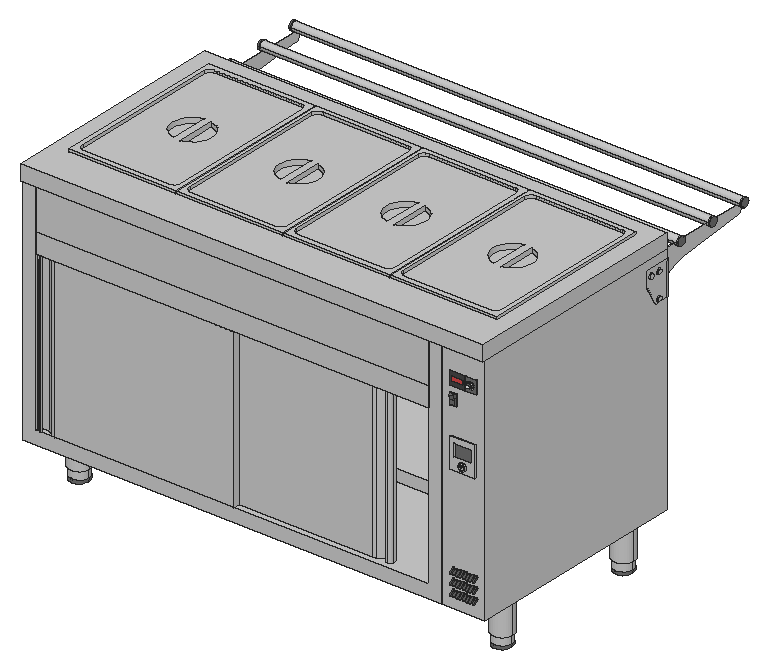
Revit family "QF_INOMAK_MDV714_250604112624", category Specialty Equipment, Revit 2021
Family settings
  Round Connector Dimension = Use Diameter
  Part Type = Normal
  OmniClass Number = 23.40.40.14
  OmniClass Title = Food Service Equipment
  Work Plane-Based = No
  Always vertical = Yes
  Cut with Voids When Loaded = No
  Shared = No
  Room Calculation Point = No
Parameters (values of type "MDV714")
  Weight [instance] = 60.0012 kg
  Waste Water Discharge Temperature [instance] = 0 °C
  Waste Remarks [instance] = ""
  Warranty Start Date [instance] = ""
  Warranty Duration [instance] = ""
  Volts [instance] = 230 V
  Volt Free Conn [instance] = no
  URL Recommended Spares List [instance] = ""
  URL Manufacturer [instance] = ""
  URL Cutsheet [instance] = ""
  URL Critical Spares List [instance] = ""
  URL = "www.inomak.com"
  Technical Documentation [instance] = ""
  Tag Number [instance] = ""
  Status [instance] = ""
  Start Up Current [instance] = 0 A
  Specification by User [instance] = ""
  Specification by Manufacturer [instance] = ""
  Sound Level [instance] = ""
  Show Logo [instance] = yes
  Show Clearances [instance] = yes
  Service Life Duration [instance] = ""
  Serial Number [instance] = ""
  Seismic Rating [instance] = ""
  SMACNA No [instance] = ""
  Revision Code [instance] = ""
  Revision [instance] = ""
  Production Year [instance] = ""
  Potential Equalisation [instance] = no
  Point Load [instance] = 0
  Plumbing Remarks [instance] = ""
  Plumbing Connection Type [instance] = ""
  Phase [instance] = 1
  Other Equipment Approvals [instance] = ""
  Operational Current [instance] = 0 A
  Odor Trap Included [instance] = no
  Number of Poles [instance] = 2
  No Load Power Draw [instance] = no
  National Water Regulation Certification [instance] = no
  NAFEM Spec ID Number [instance] = ""
  Model Warning [instance] = ""
  Model = "MDV714"
  Min Ckt Ampacity [instance] = 0 A
  Max Overcurrent Protection [instance] = 10 A
  Masterspec [instance] = ""
  Manufacturer = "INOMAK"
  Main switch integrated [instance] = no
  Length Actual [instance] = 1405.89 mm
  Item Number [instance] = ""
  Installed By [instance] = ""
  Installation Date [instance] = ""
  Indirect Waste Size [instance] = 25.4 mm
  Indirect Waste Remarks [instance] = ""
  Indirect Waste Flow [instance] = 0.0 L/s
  Indirect Waste Connection Type [instance] = ""
  Indirect Waste Connection Height [instance] = 0 mm
  Identify Quantity as Lot [instance] = no
  ID [instance] = ""
  Hygiene Approval [instance] = ""
  Height Actual [instance] = 899.922 mm
  HP power [instance] = ""
  Furnished By [instance] = ""
  Foodservice Equipment Identifier [instance] = no
  FL Amps [instance] = 8.7 A
  Electrical Remarks [instance] = ""
  Electric power [instance] = 2000 W
  Electric Connection Type [instance] = ""
  Elec Conn RI Height [instance] = 0 mm
  Elec Conn Connection Height [instance] = 0 mm
  ETL Approved [instance] = no
  Direct Waste Water Discharge Temperature [instance] = -273.15 °C
  Direct Waste Size [instance] = 25.4 mm
  Direct Waste RI Height [instance] = 0 mm
  Direct Waste Flow [instance] = 0.0 L/s
  Direct Waste Connection Height [instance] = 0 mm
  Description = "BAIN MARIE ON CUPBOARD WITH 3 GN PANS CAPACITY"
  Depth Actual [instance] = 700.024 mm
  Default Elevation = 0 mm
  Cycle [instance] = 50 Hz
  Cost = 0
  Connection to energy optimisation system [instance] = yes
  Conn Plug [instance] = ""
  Conn Conduit [instance] = no
  Cold Water Temperature Recommended [instance] = 0 °C
  Cold Water Size [instance] = 12.7 mm
  Cold Water Remarks [instance] = ""
  Cold Water RI Height [instance] = 0 mm
  Cold Water Quality [instance] = ""
  Cold Water Minimum Pressure [instance] = 200000.0 Pa
  Cold Water Maximum Pressure [instance] = 600000.0 Pa
  Cold Water Flow [instance] = 0.0 L/s
  Cold Water Connection Type [instance] = ""
  Cold Water Connection Height [instance] = 0 mm
  Centralized building control system with digital interface [instance] = ""
  CSI MasterFormat [instance] = ""
  CE Approved [instance] = no
  Barcode [instance] = 0
  Author [instance] = ""
  Asset Identifier [instance] = ""
  Apparent Power [instance] = 2000 VA
  Accessory [instance] = no
Reference planes
  plane 1 "Center (Front/Back)": y = 0
  plane 2: z = 0
  plane 3 "Center (Left/Right)": x = 0
Forms (mm)
  Extrusion 1, solid, not visible
    sketch origin (110.005, -510.025, 146.007) x (1, 0, 0) y (0, 1, 0)
      loop
        line (-2, 2) -> (-2, -2) -> (2, -2) -> (2, 2) -> (-2, 2)
    from -2 to 2
  Extrusion 2, solid, not visible
    sketch origin (110.005, -410.02, 146.007) x (1, 0, 0) y (0, 1, 0)
      loop
        line (-2, 2) -> (-2, -2) -> (2, -2) -> (2, 2) -> (-2, 2)
    from -2 to 2
  Extrusion 3, solid, not visible
    sketch origin (1360.066, -635.031, 146.007) x (1, 0, 0) y (0, 1, 0)
      loop
        line (-2, 2) -> (-2, -2) -> (2, -2) -> (2, 2) -> (-2, 2)
    from -2 to 2
Dimensions and locks
  locked: nested 2 to Extrusion 1 at 2  (x2)
  locked: nested 3 to Extrusion 2 at 2  (x2)
  locked: nested 4 to Extrusion 3 at 2  (x2)
  aligned and locked: level to plane 2
Nested families
  nested 1: "QF_INOMAK_CUPBOARD_BAIN_MARIES_1410_2920" at (0, 0, 144), type "MDV714"
    with Weight 60.0012 kg, Warranty Start Date "", Warranty Duration "", URL Cutsheet "", Technical Documentation "", Tag Number "", Status "", Specification by User "", Specification by Manufacturer "", Sound Level "", Solid Fuel Type "", Show Logo yes, Show Clearances yes, Service Life Duration "", Serial Number "", Seismic Rating "", SMACNA No "", Revision Code "", Revision "", Production Year "", Point Load 0, Other Equipment Approvals "", NAFEM Spec ID Number "", Model Warning "", Masterspec "", Length Actual 1405.89 mm, Item Number "", Installed By "", Installation Date "", Identify Quantity as Lot yes, ID "", Hygiene Approval "", Height Actual 899.922 mm, Furnished By "", Foodservice Equipment Identifier yes, ETL Approved yes, Depth Actual 700.024 mm, CSI MasterFormat "", CE Approved yes, Barcode "", Author "", Asset Identifier "", Accessory no
  nested 2: "CONN_POINT_COLDWATER_2D___Generic_Annotation" at (110.005, -510.025, 144.007), type "CONN_POINT_COLDWATER_2D___Generic_Annotation"
    with Onboard connection annotation symbol visibility yes
  nested 3: "CONN_POINT_DRAIN_2D___Generic_Annotation" at (110.005, -410.02, 144.007), type "CONN_POINT_DRAIN_2D___Generic_Annotation"
    with Onboard connection annotation symbol visibility yes
  nested 4: "CONN_POINT_ELE_2D___Generic_Annotation" at (1360.066, -635.031, 144.007), type "CONN_POINT_ELE_2D___Generic_Annotation"
    with Onboard connection annotation symbol visibility yes
  nested 5: "QF_INOMAK_LEGS_5042" at (0, 0, 0), type "LG-1410-700"
    with Weight 0.00 kg, Warranty Start Date "", Warranty Duration "", URL Cutsheet "", Technical Documentation "", Tag Number "", Status "", Specification by User "", Specification by Manufacturer "", Sound Level "", Solid Fuel Type "", Show Logo yes, Show Clearances yes, Service Life Duration "", Serial Number "", Seismic Rating "", SMACNA No "", Revision Code "", Revision "", Production Year "", Point Load 0, Other Equipment Approvals "", NAFEM Spec ID Number "", Model Warning "", Masterspec "", Length Actual 1405.89 mm, Item Number "", Installed By "", Installation Date "", Identify Quantity as Lot yes, ID "", Hygiene Approval "", Height Actual 144.018 mm, Furnished By "", Foodservice Equipment Identifier yes, ETL Approved yes, Depth Actual 700.024 mm, CSI MasterFormat "", CE Approved yes, Barcode "", Author "", Asset Identifier "", Accessory yes
  nested 6: "QF_INOMAK_CUPBOARD_RAILS_6791" at (0, 0, 144), type "RAS140"
    with Weight 0.00 kg, Warranty Start Date "", Warranty Duration "", URL Cutsheet "", Technical Documentation "", Tag Number "", Status "", Specification by User "", Specification by Manufacturer "", Sound Level "", Solid Fuel Type "", Show Logo yes, Show Clearances yes, Service Life Duration "", Serial Number "", Seismic Rating "", SMACNA No "", Revision Code "", Revision "", Production Year "", Point Load 0, Other Equipment Approvals "", NAFEM Spec ID Number "", Model Warning "", Masterspec "", Length Actual 1375.918 mm, Length 1406 mm, Item Number "", Installed By "", Installation Date "", Identify Quantity as Lot yes, ID "", Hygiene Approval "", Height Actual 175.006 mm, Furnished By "", Foodservice Equipment Identifier yes, ETL Approved yes, Depth Actual 335.026 mm, CSI MasterFormat "", CE Approved yes, Barcode "", Author "", Asset Identifier "", Accessory yes
Connectors
  piping at (110.005, -510.025, 144.007), diameter 12.7, driven by "Cold Water Size", driven by "Cold Water Flow"
    settings: on Extrusion 1, index 1, connector inside diameter 609.6 mm, connector length 0 mm, flow factor 0, pipe flow 0.0 L/s, pressure drop 0.0 Pa, fitting loss kfactor 0, connector angle 0.00°, fixture units 0, engagement length 0 mm, angle of deflection 0.00°, flow configuration 1, flow direction 1, fitting loss method 0, system type 20, joint type 0, gender type 0, connector reference index -1, connector utility 0, adjustable connector no, is connector primary yes, connector description "Cold Water connection for MDV714"
  piping at (110.005, -410.02, 144.007), diameter 25.4, driven by "Indirect Waste Size", driven by "Direct Waste Flow"
    settings: on Extrusion 2, index 2, connector inside diameter 609.6 mm, connector length 0 mm, flow factor 0, pipe flow 0.0 L/s, pressure drop 0.0 Pa, fitting loss kfactor 0, connector angle 0.00°, fixture units 0, engagement length 0 mm, angle of deflection 0.00°, flow configuration 1, flow direction 2, fitting loss method 0, system type 16, joint type 0, gender type 0, connector reference index -1, connector utility 0, adjustable connector no, is connector primary no, connector description "Waste connection for MDV714"
  electrical at (1360.066, -635.031, 144.007), driven by "Apparent Power", driven by "Number of Poles", driven by "Volts"
    settings: on Extrusion 3, index 3, voltage 230 V, apparent load 0 VA, apparent load phase1 2000 VA, apparent load phase2 0 VA, apparent load phase3 0 VA, power factor 1, load classification "Other", number of poles 2, system type 31, power factor state 1, is connector primary yes, connector utility no, sub classification motor no, connector description "Electrical connection for MDV714"
Definition of nested family "QF_INOMAK_CUPBOARD_BAIN_MARIES_1410_2920"
  Parameters (values of type "MFV714")
    Weight [instance] = 0.00 kg
    Warranty Start Date [instance] = ""
    Warranty Duration [instance] = ""
    URL Cutsheet [instance] = ""
    URL = "www.inomak.com"
    Technical Documentation [instance] = ""
    Tag Number [instance] = ""
    Status [instance] = ""
    Specification by User [instance] = ""
    Specification by Manufacturer [instance] = ""
    Sound Level [instance] = ""
    Solid Fuel Type [instance] = ""
    Show Logo [instance] = yes
    Show Clearances [instance] = yes
    Service Life Duration [instance] = ""
    Serial Number [instance] = ""
    Seismic Rating [instance] = ""
    SMACNA No [instance] = ""
    Revision Code [instance] = ""
    Revision [instance] = ""
    Production Year [instance] = ""
    Point Load [instance] = 0
    Other Equipment Approvals [instance] = ""
    NAFEM Spec ID Number [instance] = ""
    Model Warning [instance] = ""
    Model = "MFV714"
    Masterspec [instance] = ""
    Manufacturer = "INOMAK"
    Length Actual [instance] = 0 mm
    Item Number [instance] = ""
    Installed By [instance] = ""
    Installation Date [instance] = ""
    Identify Quantity as Lot [instance] = yes
    ID [instance] = ""
    Hygiene Approval [instance] = ""
    Height Actual [instance] = 0 mm
    Furnished By [instance] = ""
    Foodservice Equipment Identifier [instance] = yes
    ETL Approved [instance] = yes
    Description = "BAIN MARIE ON CUPBOARD WITH 3 GN PANS CAPACITY AND SHOWCASE"
    Depth Actual [instance] = 0 mm
    Default Elevation = 0 mm
    CSI MasterFormat [instance] = ""
    CE Approved [instance] = yes
    Barcode [instance] = ""
    Author [instance] = ""
    Asset Identifier [instance] = ""
    Assembly Code = "E1090320"
    Accessory [instance] = yes
  Types (10, lengths in mm): name | Model | Description
    MFV714 | "MFV714" | "BAIN MARIE ON CUPBOARD WITH 3 GN PANS CAPACITY AND SHOWCASE"
    MDV714 | "MDV714" | "BAIN MARIE ON CUPBOARD WITH 3 GN PANS CAPACITY"
    MVV714 | "MVV714" | "BAIN MARIE ON CUPBOARD WITH 3 GN PANS CAPACITY AND SINGLE SNEEZE GUARD"
    MRV714 | "MRV714" | "BAIN MARIE ON CUPBOARD WITH 3 GN PANS CAPACITY AND DOUBLE SNEEZE GUARD"
    MFSQ714 | "MFSQ714" | "BAIN MARIE ON CUPBOARD WITH 3 GN PANS CAPACITY AND SQUARE SHOWCASE"
    MIV714 | "MIV714" | "BAIN MARIE ON HEATED CUPBOARD WITH 3 GN PANS CAPACITY AND SHOWCASE"
    MHV714 | "MHV714" | "BAIN MARIE ON HEATED CUPBOARD WITH 3 GN PANS CAPACITY"
    MJV714 | "MJV714" | "BAIN MARIE ON HEATED CUPBOARD WITH 3 GN PANS CAPACITY AND SINGLE SNEEZE GUARD"
    MQV714 | "MQV714" | "BAIN MARIE ON HEATED CUPBOARD WITH 3 GN PANS CAPACITY AND DOUBLE SNEEZE GUARD"
    MISQ714 | "MISQ714" | "BAIN MARIE ON HEATED CUPBOARD WITH 3 GN PANS CAPACITY AND SQUARE SHOWCASE"
  Reference planes
    plane 1 "Back": y = 0
    plane 2: z = 0
    plane 3 "Left": x = 0
    plane 4 "Right": x = 1406
    plane 5 "Front": y = -700
    plane 6 "Top": z = 756
  Forms (mm)
    Extrusion 1, solid
      sketch origin (784.283, -707, -123.631) x (-1, 0, 0) y (0, 0, 1)
        loop
          arc (-522.253, 235.165) -> (-526.351, 236.263) -> (-527.449, 232.165) r 3
          line (-527.449, 232.165) -> (-518.449, 216.577)
          arc (-518.449, 216.577) -> (-514.351, 215.479) -> (-513.253, 219.577) r 3
          line (-513.253, 219.577) -> (-522.253, 235.165)
        loop
          arc (-532.253, 235.165) -> (-536.351, 236.263) -> (-537.449, 232.165) r 3
          line (-537.449, 232.165) -> (-528.449, 216.577)
          arc (-528.449, 216.577) -> (-524.351, 215.479) -> (-523.253, 219.577) r 3
          line (-523.253, 219.577) -> (-532.253, 235.165)
        loop
          arc (-542.253, 235.165) -> (-546.351, 236.263) -> (-547.449, 232.165) r 3
          line (-547.449, 232.165) -> (-538.449, 216.577)
          arc (-538.449, 216.577) -> (-534.351, 215.479) -> (-533.253, 219.577) r 3
          line (-533.253, 219.577) -> (-542.253, 235.165)
        loop
          arc (-552.253, 235.165) -> (-556.351, 236.263) -> (-557.449, 232.165) r 3
          line (-557.449, 232.165) -> (-548.449, 216.577)
          arc (-548.449, 216.577) -> (-544.351, 215.479) -> (-543.253, 219.577) r 3
          line (-543.253, 219.577) -> (-552.253, 235.165)
        loop
          arc (-562.253, 235.165) -> (-566.351, 236.263) -> (-567.449, 232.165) r 3
          line (-567.449, 232.165) -> (-558.449, 216.577)
          arc (-558.449, 216.577) -> (-554.351, 215.479) -> (-553.253, 219.577) r 3
          line (-553.253, 219.577) -> (-562.253, 235.165)
        loop
          arc (-572.253, 235.165) -> (-576.351, 236.263) -> (-577.449, 232.165) r 3
          line (-577.449, 232.165) -> (-568.449, 216.577)
          arc (-568.449, 216.577) -> (-564.351, 215.479) -> (-563.253, 219.577) r 3
          line (-563.253, 219.577) -> (-572.253, 235.165)
        loop
          arc (-582.253, 235.165) -> (-586.351, 236.263) -> (-587.449, 232.165) r 3
          line (-587.449, 232.165) -> (-578.449, 216.577)
          arc (-578.449, 216.577) -> (-574.351, 215.479) -> (-573.253, 219.577) r 3
          line (-573.253, 219.577) -> (-582.253, 235.165)
        loop
          arc (-592.253, 235.165) -> (-596.351, 236.263) -> (-597.449, 232.165) r 3
          line (-597.449, 232.165) -> (-588.449, 216.577)
          arc (-588.449, 216.577) -> (-584.351, 215.479) -> (-583.253, 219.577) r 3
          line (-583.253, 219.577) -> (-592.253, 235.165)
        loop
          arc (-522.253, 205.165) -> (-526.351, 206.263) -> (-527.449, 202.165) r 3
          line (-527.449, 202.165) -> (-518.449, 186.577)
          arc (-518.449, 186.577) -> (-514.351, 185.479) -> (-513.253, 189.577) r 3
          line (-513.253, 189.577) -> (-522.253, 205.165)
        loop
          arc (-532.253, 205.165) -> (-536.351, 206.263) -> (-537.449, 202.165) r 3
          line (-537.449, 202.165) -> (-528.449, 186.577)
          arc (-528.449, 186.577) -> (-524.351, 185.479) -> (-523.253, 189.577) r 3
          line (-523.253, 189.577) -> (-532.253, 205.165)
        loop
          arc (-542.253, 205.165) -> (-546.351, 206.263) -> (-547.449, 202.165) r 3
          line (-547.449, 202.165) -> (-538.449, 186.577)
          arc (-538.449, 186.577) -> (-534.351, 185.479) -> (-533.253, 189.577) r 3
          line (-533.253, 189.577) -> (-542.253, 205.165)
        loop
          arc (-552.253, 205.165) -> (-556.351, 206.263) -> (-557.449, 202.165) r 3
          line (-557.449, 202.165) -> (-548.449, 186.577)
          arc (-548.449, 186.577) -> (-544.351, 185.479) -> (-543.253, 189.577) r 3
          line (-543.253, 189.577) -> (-552.253, 205.165)
        loop
          arc (-562.253, 205.165) -> (-566.351, 206.263) -> (-567.449, 202.165) r 3
          line (-567.449, 202.165) -> (-558.449, 186.577)
          arc (-558.449, 186.577) -> (-554.351, 185.479) -> (-553.253, 189.577) r 3
          line (-553.253, 189.577) -> (-562.253, 205.165)
        loop
          arc (-572.253, 205.165) -> (-576.351, 206.263) -> (-577.449, 202.165) r 3
          line (-577.449, 202.165) -> (-568.449, 186.577)
          arc (-568.449, 186.577) -> (-564.351, 185.479) -> (-563.253, 189.577) r 3
          line (-563.253, 189.577) -> (-572.253, 205.165)
        loop
          arc (-582.253, 205.165) -> (-586.351, 206.263) -> (-587.449, 202.165) r 3
          line (-587.449, 202.165) -> (-578.449, 186.577)
          arc (-578.449, 186.577) -> (-574.351, 185.479) -> (-573.253, 189.577) r 3
          line (-573.253, 189.577) -> (-582.253, 205.165)
        loop
          arc (-592.253, 205.165) -> (-596.351, 206.263) -> (-597.449, 202.165) r 3
          line (-597.449, 202.165) -> (-588.449, 186.577)
          arc (-588.449, 186.577) -> (-584.351, 185.479) -> (-583.253, 189.577) r 3
          line (-583.253, 189.577) -> (-592.253, 205.165)
        loop
          arc (-522.253, 175.165) -> (-526.351, 176.263) -> (-527.449, 172.165) r 3
          line (-527.449, 172.165) -> (-518.449, 156.577)
          arc (-518.449, 156.577) -> (-514.351, 155.479) -> (-513.253, 159.577) r 3
          line (-513.253, 159.577) -> (-522.253, 175.165)
        loop
          arc (-532.253, 175.165) -> (-536.351, 176.263) -> (-537.449, 172.165) r 3
          line (-537.449, 172.165) -> (-528.449, 156.577)
          arc (-528.449, 156.577) -> (-524.351, 155.479) -> (-523.253, 159.577) r 3
          line (-523.253, 159.577) -> (-532.253, 175.165)
        loop
          arc (-542.253, 175.165) -> (-546.351, 176.263) -> (-547.449, 172.165) r 3
          line (-547.449, 172.165) -> (-538.449, 156.577)
          arc (-538.449, 156.577) -> (-534.351, 155.479) -> (-533.253, 159.577) r 3
          line (-533.253, 159.577) -> (-542.253, 175.165)
        loop
          arc (-552.253, 175.165) -> (-556.351, 176.263) -> (-557.449, 172.165) r 3
          line (-557.449, 172.165) -> (-548.449, 156.577)
          arc (-548.449, 156.577) -> (-544.351, 155.479) -> (-543.253, 159.577) r 3
          line (-543.253, 159.577) -> (-552.253, 175.165)
        loop
          arc (-562.253, 175.165) -> (-566.351, 176.263) -> (-567.449, 172.165) r 3
          line (-567.449, 172.165) -> (-558.449, 156.577)
          arc (-558.449, 156.577) -> (-554.351, 155.479) -> (-553.253, 159.577) r 3
          line (-553.253, 159.577) -> (-562.253, 175.165)
        loop
          arc (-572.253, 175.165) -> (-576.351, 176.263) -> (-577.449, 172.165) r 3
          line (-577.449, 172.165) -> (-568.449, 156.577)
          arc (-568.449, 156.577) -> (-564.351, 155.479) -> (-563.253, 159.577) r 3
          line (-563.253, 159.577) -> (-572.253, 175.165)
        loop
          arc (-582.253, 175.165) -> (-586.351, 176.263) -> (-587.449, 172.165) r 3
          line (-587.449, 172.165) -> (-578.449, 156.577)
          arc (-578.449, 156.577) -> (-574.351, 155.479) -> (-573.253, 159.577) r 3
          line (-573.253, 159.577) -> (-582.253, 175.165)
        loop
          arc (-592.253, 175.165) -> (-596.351, 176.263) -> (-597.449, 172.165) r 3
          line (-597.449, 172.165) -> (-588.449, 156.577)
          arc (-588.449, 156.577) -> (-584.351, 155.479) -> (-583.253, 159.577) r 3
          line (-583.253, 159.577) -> (-592.253, 175.165)
      from 16.5 to 18.5
    Extrusion 2, solid
      sketch origin (1092.266, -692, 538.514) x (-1, 0, 0) y (0, 0, 1)
        loop
          line (-208.234, 108.408) -> (-253.234, 108.408) -> (-253.234, 68.408) -> (-208.234, 68.408) -> (-208.234, 108.408)
      from 0 to 2
    Extrusion 3, solid
      sketch origin (370.5, -693, 539.422) x (-1, 0, 0) y (0, 0, 1)
        loop
          line (-950, 15) -> (-930, 15) -> (-930, 50) -> (-950, 50) -> (-950, 15)
      from 0 to 3
    Extrusion 4, solid
      sketch origin (398.5, -568, 539.422) x (0, 1, 0) y (0, 0, 1)
        loop
          line (-125, 18) -> (-125, 47)
          arc (-125, 47) -> (-127.961, 46.812) -> (-130.754, 45.81) r 10.576
          line (-130.754, 45.81) -> (-128, 32.5) -> (-128, 18) -> (-125, 18)
      from 905 to 919
    Extrusion 5, solid
      sketch origin (1137.266, -692, 538.514) x (-1, 0, 0) y (0, 0, 1)
        loop
          line (-208.234, 108.408) -> (-243.234, 108.408) -> (-243.234, 68.408) -> (-208.234, 68.408) -> (-208.234, 108.408)
      from 0 to 2
    Extrusion 6, solid
      sketch origin (1092.266, -692.5, 538.514) x (-1, 0, 0) y (0, 0, 1)
        loop
          line (-213.234, 94.908) -> (-248.234, 94.908) -> (-248.234, 81.908) -> (-213.234, 81.908) -> (-213.234, 94.908)
      from 0 to 2.5
    Extrusion 7, solid
      sketch origin (1092.266, -692.5, 538.514) x (-1, 0, 0) y (0, 0, 1)
        loop
          line (-271.558, 91.171) -> (-275.802, 98.522) -> (-280.047, 91.171) -> (-271.558, 91.171)
        loop
          line (-271.558, 85.645) -> (-280.047, 85.645) -> (-275.802, 78.294) -> (-271.558, 85.645)
        loop
          line (-257.397, 85.645) -> (-267.397, 85.645) -> (-267.397, 78.294) -> (-257.397, 78.294) -> (-257.397, 85.645)
        loop
          line (-265.397, 98.522) -> (-267.397, 98.522) -> (-267.397, 92.322) -> (-259.549, 92.322) -> (-259.549, 91.171) -> (-257.397, 93.322) -> (-259.549, 95.474) -> (-259.549, 94.322) -> (-265.397, 94.322) -> (-265.397, 98.522)
      from 0 to 2.5
    Extrusion 8, solid
      sketch origin (-2, 0, 492) x (1, 0, 0) y (0, 1, 0)
        loop
          line (55, -50) -> (55, -580) -> (380, -580) -> (380, -50) -> (55, -50)
        loop
          arc (87.5, -65) -> (73.358, -70.858) -> (67.5, -85) r 20
          line (67.5, -85) -> (67.5, -545.415)
          arc (67.5, -545.415) -> (73.358, -559.557) -> (87.5, -565.415) r 20
          line (87.5, -565.415) -> (347.5, -565.415)
          arc (347.5, -565.415) -> (361.642, -559.557) -> (367.5, -545.415) r 20
          line (367.5, -545.415) -> (367.5, -85)
          arc (367.5, -85) -> (361.642, -70.858) -> (347.5, -65) r 20
          line (347.5, -65) -> (87.5, -65)
      from 218 to 270
    Extrusion 9, solid
      sketch origin (-2, 0, 485) x (1, 0, 0) y (0, 1, 0)
        loop
          arc (67.5, -545.415) -> (73.358, -559.557) -> (87.5, -565.415) r 20
          line (87.5, -565.415) -> (347.5, -565.415)
          arc (347.5, -565.415) -> (361.642, -559.557) -> (367.5, -545.415) r 20
          line (367.5, -545.415) -> (367.5, -85)
          arc (367.5, -85) -> (361.642, -70.858) -> (347.5, -65) r 20
          line (347.5, -65) -> (87.5, -65)
          arc (87.5, -65) -> (73.358, -70.858) -> (67.5, -85) r 20
          line (67.5, -85) -> (67.5, -545.415)
      from 225 to 270
    Extrusion 10, void
      sketch origin (-2, 0, 500) x (1, 0, 0) y (0, 1, 0)
        loop
          arc (207.5, -256.046) -> (157.5, -315.207) -> (207.5, -374.368) r 60
          line (207.5, -374.368) -> (207.5, -256.046)
        loop
          line (227.5, -256.046) -> (227.5, -374.368)
          arc (227.5, -374.368) -> (277.5, -315.207) -> (227.5, -256.046) r 60
      from 240 to 270
    Extrusion 11, solid
      sketch origin (323, 0, 492) x (1, 0, 0) y (0, 1, 0)
        loop
          line (55, -50) -> (55, -580) -> (380, -580) -> (380, -50) -> (55, -50)
        loop
          arc (87.5, -65) -> (73.358, -70.858) -> (67.5, -85) r 20
          line (67.5, -85) -> (67.5, -545.415)
          arc (67.5, -545.415) -> (73.358, -559.557) -> (87.5, -565.415) r 20
          line (87.5, -565.415) -> (347.5, -565.415)
          arc (347.5, -565.415) -> (361.642, -559.557) -> (367.5, -545.415) r 20
          line (367.5, -545.415) -> (367.5, -85)
          arc (367.5, -85) -> (361.642, -70.858) -> (347.5, -65) r 20
          line (347.5, -65) -> (87.5, -65)
      from 218 to 270
    Extrusion 12, solid
      sketch origin (323, 0, 485) x (1, 0, 0) y (0, 1, 0)
        loop
          arc (67.5, -545.415) -> (73.358, -559.557) -> (87.5, -565.415) r 20
          line (87.5, -565.415) -> (347.5, -565.415)
          arc (347.5, -565.415) -> (361.642, -559.557) -> (367.5, -545.415) r 20
          line (367.5, -545.415) -> (367.5, -85)
          arc (367.5, -85) -> (361.642, -70.858) -> (347.5, -65) r 20
          line (347.5, -65) -> (87.5, -65)
          arc (87.5, -65) -> (73.358, -70.858) -> (67.5, -85) r 20
          line (67.5, -85) -> (67.5, -545.415)
      from 225 to 270
    Extrusion 13, void
      sketch origin (323, 0, 500) x (1, 0, 0) y (0, 1, 0)
        loop
          arc (207.5, -256.046) -> (157.5, -315.207) -> (207.5, -374.368) r 60
          line (207.5, -374.368) -> (207.5, -256.046)
        loop
          line (227.5, -256.046) -> (227.5, -374.368)
          arc (227.5, -374.368) -> (277.5, -315.207) -> (227.5, -256.046) r 60
      from 240 to 270
    Extrusion 14, solid
      sketch origin (973, 0, 492) x (1, 0, 0) y (0, 1, 0)
        loop
          line (55, -50) -> (55, -580) -> (380, -580) -> (380, -50) -> (55, -50)
        loop
          arc (87.5, -65) -> (73.358, -70.858) -> (67.5, -85) r 20
          line (67.5, -85) -> (67.5, -545.415)
          arc (67.5, -545.415) -> (73.358, -559.557) -> (87.5, -565.415) r 20
          line (87.5, -565.415) -> (347.5, -565.415)
          arc (347.5, -565.415) -> (361.642, -559.557) -> (367.5, -545.415) r 20
          line (367.5, -545.415) -> (367.5, -85)
          arc (367.5, -85) -> (361.642, -70.858) -> (347.5, -65) r 20
          line (347.5, -65) -> (87.5, -65)
      from 218 to 270
    Extrusion 15, solid
      sketch origin (973, 0, 485) x (1, 0, 0) y (0, 1, 0)
        loop
          arc (67.5, -545.415) -> (73.358, -559.557) -> (87.5, -565.415) r 20
          line (87.5, -565.415) -> (347.5, -565.415)
          arc (347.5, -565.415) -> (361.642, -559.557) -> (367.5, -545.415) r 20
          line (367.5, -545.415) -> (367.5, -85)
          arc (367.5, -85) -> (361.642, -70.858) -> (347.5, -65) r 20
          line (347.5, -65) -> (87.5, -65)
          arc (87.5, -65) -> (73.358, -70.858) -> (67.5, -85) r 20
          line (67.5, -85) -> (67.5, -545.415)
      from 225 to 270
    Extrusion 16, void
      sketch origin (973, 0, 500) x (1, 0, 0) y (0, 1, 0)
        loop
          arc (207.5, -256.046) -> (157.5, -315.207) -> (207.5, -374.368) r 60
          line (207.5, -374.368) -> (207.5, -256.046)
        loop
          line (227.5, -256.046) -> (227.5, -374.368)
          arc (227.5, -374.368) -> (277.5, -315.207) -> (227.5, -256.046) r 60
      from 240 to 270
    Extrusion 17, solid
      sketch origin (0, 0, 710) x (1, 0, 0) y (0, 1, 0)
        loop
          line (0, 0) -> (0, -700) -> (1406, -700) -> (1406, 0) -> (0, 0)
        loop
          line (53, -50) -> (53, -580) -> (1353, -580) -> (1353, -50) -> (53, -50)
      from 0 to 46
    Extrusion 18, solid
      sketch origin (0, 0, 0) x (1, 0, 0) y (0, 1, 0)
        loop
          line (0, -690) -> (40, -690) -> (40, -40) -> (1235, -40) -> (1235, -690) -> (1275, -690) -> (1275, 0) -> (0, 0) -> (0, -690)
      from 0 to 710
    Extrusion 19, solid
      sketch origin (303, 0, 0) x (1, 0, 0) y (0, 1, 0)
        loop
          line (972, 0) -> (972, -690) -> (1103, -690) -> (1103, 0) -> (972, 0)
      from 0 to 710
    Extrusion 20, solid
      sketch origin (-130, -690, 0) x (-1, 0, 0) y (0, 1, 0)
        loop
          line (-170, 10) -> (-170, 20) -> (-770, 20) -> (-770, 0) -> (-226.156, 0)
          arc (-226.156, 0) -> (-220.272, 0.885) -> (-214.91, 3.461) r 20
          line (-214.91, 3.461) -> (-195, 17) -> (-173, 17) -> (-173, 10)
          arc (-173, 10) -> (-175.05, 5.05) -> (-180, 3) r 7
          line (-180, 3) -> (-185.012, 3) -> (-185.012, 0) -> (-180, 0)
          arc (-180, 0) -> (-172.929, 2.929) -> (-170, 10) r 10
      from -40 to -520
    Extrusion 21, solid
      sketch origin (173, -690, 0) x (-1, 0, 0) y (0, 1, 0)
        loop
          arc (-930, 30) -> (-927.071, 22.929) -> (-920, 20) r 10
          line (-920, 20) -> (-914.988, 20) -> (-914.988, 23) -> (-920, 23)
          arc (-920, 23) -> (-924.95, 25.05) -> (-927, 30) r 7
          line (-927, 30) -> (-927, 37) -> (-905, 37) -> (-885.09, 23.461)
          arc (-885.09, 23.461) -> (-879.728, 20.885) -> (-873.844, 20) r 20
          line (-873.844, 20) -> (-325, 20) -> (-325, 40) -> (-930, 40) -> (-930, 30)
      from -40 to -520
    Extrusion 22, solid
      sketch origin (0, 0, 0) x (1, 0, 0) y (0, 1, 0)
        loop
          line (40, -40) -> (40, -690) -> (1235, -690) -> (1235, -40) -> (40, -40)
      from 0 to 40
    Extrusion 23, solid
      sketch origin (0, 0, 672.314) x (1, 0, 0) y (0, 1, 0)
        loop
          line (40, -40) -> (40, -690) -> (1235, -690) -> (1235, -40) -> (40, -40)
      from -92.314 to 37.686
    Extrusion 24, solid
      sketch origin (0, 0, 610.314) x (1, 0, 0) y (0, 1, 0)
        loop
          line (40, -40) -> (40, -690) -> (1235, -690) -> (1235, -40) -> (40, -40)
      from -90.314 to -30.314
    Extrusion 25, solid
      sketch origin (-2, 0, 252.5) x (1, 0, 0) y (0, 1, 0)
        loop
          line (42, -40) -> (42, -645) -> (1237, -645) -> (1237, -40) -> (42, -40)
      from 0 to 35
    Extrusion 26, solid
      sketch origin (310.002, -695, 50) x (-1, 0, 0) y (0, 0, 1)
        loop
          line (-992.998, 421.076) -> (-1067.998, 421.076) -> (-1067.998, 331.076) -> (-992.998, 331.076) -> (-992.998, 421.076)
        loop
          line (-1003.957, 406.276) -> (-1058.957, 406.276) -> (-1058.957, 366.276) -> (-1003.957, 366.276) -> (-1003.957, 406.276)
      from 0 to 5
    Extrusion 27, solid
      sketch origin (310.002, -692, 50) x (-1, 0, 0) y (0, 0, 1)
        loop
          line (-1003.957, 406.276) -> (-1058.957, 406.276) -> (-1058.957, 366.276) -> (-1003.957, 366.276) -> (-1003.957, 406.276)
      from 0 to 2
    Revolve 28, solid
      sketch origin (1340.5, 59.612, -3292.415) x (0, 1, 0) y (0, 0, 1)
        loop
          line (-757.012, 3691.152) -> (-754.612, 3691.152) -> (-754.612, 3701.789) -> (-757.662, 3701.789) -> (-759.012, 3699.998) -> (-757.012, 3699.998) -> (-757.012, 3691.152)
        axis (-754.612, 3691.152) -> (-759.012, 3691.152)
      angle from 0 to 360
    Extrusion 29, solid
      sketch origin (-751.127, -695, 2689.585) x (-1, 0, 0) y (0, 0, 1)
        loop
          line (-2090.827, -2287.348) -> (-2092.827, -2287.348) -> (-2092.827, -2294.348) -> (-2090.827, -2294.348) -> (-2090.827, -2287.348)
        loop
          circle (-2091.627, -2290.848) r 7.846
      from -4.4 to -2.4
    Extrusion 30, solid
      sketch origin (648, 0, 492) x (1, 0, 0) y (0, 1, 0)
        loop
          line (55, -50) -> (55, -580) -> (380, -580) -> (380, -50) -> (55, -50)
        loop
          arc (87.5, -65) -> (73.358, -70.858) -> (67.5, -85) r 20
          line (67.5, -85) -> (67.5, -545.415)
          arc (67.5, -545.415) -> (73.358, -559.557) -> (87.5, -565.415) r 20
          line (87.5, -565.415) -> (347.5, -565.415)
          arc (347.5, -565.415) -> (361.642, -559.557) -> (367.5, -545.415) r 20
          line (367.5, -545.415) -> (367.5, -85)
          arc (367.5, -85) -> (361.642, -70.858) -> (347.5, -65) r 20
          line (347.5, -65) -> (87.5, -65)
      from 218 to 270
    Extrusion 31, solid
      sketch origin (648, 0, 485) x (1, 0, 0) y (0, 1, 0)
        loop
          arc (67.5, -545.415) -> (73.358, -559.557) -> (87.5, -565.415) r 20
          line (87.5, -565.415) -> (347.5, -565.415)
          arc (347.5, -565.415) -> (361.642, -559.557) -> (367.5, -545.415) r 20
          line (367.5, -545.415) -> (367.5, -85)
          arc (367.5, -85) -> (361.642, -70.858) -> (347.5, -65) r 20
          line (347.5, -65) -> (87.5, -65)
          arc (87.5, -65) -> (73.358, -70.858) -> (67.5, -85) r 20
          line (67.5, -85) -> (67.5, -545.415)
      from 225 to 270
    Extrusion 32, void
      sketch origin (648, 0, 500) x (1, 0, 0) y (0, 1, 0)
        loop
          arc (207.5, -256.046) -> (157.5, -315.207) -> (207.5, -374.368) r 60
          line (207.5, -374.368) -> (207.5, -256.046)
        loop
          line (227.5, -256.046) -> (227.5, -374.368)
          arc (227.5, -374.368) -> (277.5, -315.207) -> (227.5, -256.046) r 60
      from 240 to 270
  Cuts and joins
    Extrusion 10, Extrusion 13 cuts Extrusion 9
    Extrusion 13, Extrusion 16, Extrusion 32 cuts Extrusion 12
    Extrusion 16 cuts Extrusion 15
    joined: Extrusion 18, Extrusion 22
    Extrusion 32 cuts Extrusion 31
  Lines and regions (mm)
    symbolic lines
      curve 1: line (0, 0, 0) -> (1406, 0, 0)
      curve 2: line (0, -700, 0) -> (0, 0, 0)
      curve 3: line (1406, -700, 0) -> (0, -700, 0)
      curve 4: line (1406, 0, 0) -> (1406, -700, 0)
      curve 5: line (53, -50, 0) -> (1353, -50, 0)
      curve 6: line (53, -580, 0) -> (53, -50, 0)
      curve 7: line (1353, -580, 0) -> (53, -580, 0)
      curve 8: line (703, -50, 0) -> (703, -580, 0)
      curve 9: line (378, -50, 0) -> (378, -580, 0)
      curve 10: line (1353, -50, 0) -> (1353, -580, 0)
      curve 11: line (1028, -50, 0) -> (1028, -580, 0)
      curve 12: line (85.5, -65, 0) -> (345.5, -65, 0)
      curve 13: arc (345.5, -65, 0) -> (359.642, -70.858, 0) -> (365.5, -85, 0) r 20
      curve 14: line (365.5, -85, 0) -> (365.5, -545.415, 0)
      curve 15: arc (365.5, -545.415, 0) -> (359.642, -559.557, 0) -> (345.5, -565.415, 0) r 20
      curve 16: line (345.5, -565.415, 0) -> (85.5, -565.415, 0)
      curve 17: arc (85.5, -565.415, 0) -> (71.358, -559.557, 0) -> (65.5, -545.415, 0) r 20
      curve 18: line (65.5, -545.415, 0) -> (65.5, -85, 0)
      curve 19: arc (65.5, -85, 0) -> (71.358, -70.858, 0) -> (85.5, -65, 0) r 20
      curve 20: arc (205.5, -256.046, 0) -> (155.5, -315.207, 0) -> (205.5, -374.368, 0) r 60
      curve 21: line (205.5, -374.368, 0) -> (205.5, -256.046, 0)
      curve 22: line (225.5, -256.046, 0) -> (225.5, -374.368, 0)
      curve 23: arc (225.5, -374.368, 0) -> (275.5, -315.207, 0) -> (225.5, -256.046, 0) r 60
      curve 24: arc (390.5, -85, 0) -> (396.358, -70.858, 0) -> (410.5, -65, 0) r 20
      curve 25: line (410.5, -65, 0) -> (670.5, -65, 0)
      curve 26: arc (670.5, -65, 0) -> (684.642, -70.858, 0) -> (690.5, -85, 0) r 20
      curve 27: line (690.5, -85, 0) -> (690.5, -545.415, 0)
      curve 28: arc (690.5, -545.415, 0) -> (684.642, -559.557, 0) -> (670.5, -565.415, 0) r 20
      curve 29: line (670.5, -565.415, 0) -> (410.5, -565.415, 0)
      curve 30: arc (410.5, -565.415, 0) -> (396.358, -559.557, 0) -> (390.5, -545.415, 0) r 20
      curve 31: line (390.5, -545.415, 0) -> (390.5, -85, 0)
      curve 32: arc (530.5, -256.046, 0) -> (480.5, -315.207, 0) -> (530.5, -374.368, 0) r 60
      curve 33: line (530.5, -374.368, 0) -> (530.5, -256.046, 0)
      curve 34: line (550.5, -256.046, 0) -> (550.5, -374.368, 0)
      curve 35: arc (550.5, -374.368, 0) -> (600.5, -315.207, 0) -> (550.5, -256.046, 0) r 60
      curve 36: line (715.5, -545.415, 0) -> (715.5, -85, 0)
      curve 37: arc (715.5, -85, 0) -> (721.358, -70.858, 0) -> (735.5, -65, 0) r 20
      curve 38: line (735.5, -65, 0) -> (995.5, -65, 0)
      curve 39: arc (995.5, -65, 0) -> (1009.642, -70.858, 0) -> (1015.5, -85, 0) r 20
      curve 40: line (1015.5, -85, 0) -> (1015.5, -545.415, 0)
      curve 41: arc (1015.5, -545.415, 0) -> (1009.642, -559.557, 0) -> (995.5, -565.415, 0) r 20
      curve 42: line (995.5, -565.415, 0) -> (735.5, -565.415, 0)
      curve 43: arc (735.5, -565.415, 0) -> (721.358, -559.557, 0) -> (715.5, -545.415, 0) r 20
      curve 44: arc (855.5, -256.046, 0) -> (805.5, -315.207, 0) -> (855.5, -374.368, 0) r 60
      curve 45: line (855.5, -374.368, 0) -> (855.5, -256.046, 0)
      curve 46: line (875.5, -256.046, 0) -> (875.5, -374.368, 0)
      curve 47: arc (875.5, -374.368, 0) -> (925.5, -315.207, 0) -> (875.5, -256.046, 0) r 60
      curve 48: line (1060.5, -65, 0) -> (1320.5, -65, 0)
      curve 49: arc (1320.5, -65, 0) -> (1334.642, -70.858, 0) -> (1340.5, -85, 0) r 20
      curve 50: line (1340.5, -85, 0) -> (1340.5, -545.415, 0)
      curve 51: arc (1340.5, -545.415, 0) -> (1334.642, -559.557, 0) -> (1320.5, -565.415, 0) r 20
      curve 52: line (1320.5, -565.415, 0) -> (1060.5, -565.415, 0)
      curve 53: arc (1060.5, -565.415, 0) -> (1046.358, -559.557, 0) -> (1040.5, -545.415, 0) r 20
      curve 54: line (1040.5, -545.415, 0) -> (1040.5, -85, 0)
      curve 55: arc (1040.5, -85, 0) -> (1046.358, -70.858, 0) -> (1060.5, -65, 0) r 20
      curve 56: arc (1180.5, -256.046, 0) -> (1130.5, -315.207, 0) -> (1180.5, -374.368, 0) r 60
      curve 57: line (1180.5, -374.368, 0) -> (1180.5, -256.046, 0)
      curve 58: line (1200.5, -256.046, 0) -> (1200.5, -374.368, 0)
      curve 59: arc (1200.5, -374.368, 0) -> (1250.5, -315.207, 0) -> (1200.5, -256.046, 0) r 60
  Dimensions and locks
    plane 3 "Left" to plane 4 "Right" = 1406 mm
    plane 5 "Front" to plane 1 "Back" = 700 mm
    plane 6 "Top" to plane 2 = 756 mm
    aligned and locked: level to plane 2
Definition of nested family "QF_INOMAK_LEGS_5042"
  Parameters (values of type "LG-1545-700-BC")
    Weight [instance] = 0.00 kg
    Warranty Start Date [instance] = ""
    Warranty Duration [instance] = ""
    URL Cutsheet [instance] = ""
    URL = "www.inomak.com"
    Technical Documentation [instance] = ""
    Tag Number [instance] = ""
    Status [instance] = ""
    Specification by User [instance] = ""
    Specification by Manufacturer [instance] = ""
    Sound Level [instance] = ""
    Solid Fuel Type [instance] = ""
    Show Logo [instance] = yes
    Show Clearances [instance] = yes
    Service Life Duration [instance] = ""
    Serial Number [instance] = ""
    Seismic Rating [instance] = ""
    SMACNA No [instance] = ""
    Right offset = 300 mm
    Revision Code [instance] = ""
    Revision [instance] = ""
    Rear offset = 90 mm
    Production Year [instance] = ""
    Point Load [instance] = 0
    Other Equipment Approvals [instance] = ""
    NAFEM Spec ID Number [instance] = ""
    Model Warning [instance] = ""
    Model = "LG"
    Masterspec [instance] = ""
    Manufacturer = "INOMAK"
    Length Actual [instance] = 0 mm
    Length = 1546 mm
    Left offset = 100 mm
    Item Number [instance] = ""
    Installed By [instance] = ""
    Installation Date [instance] = ""
    Identify Quantity as Lot [instance] = yes
    ID [instance] = ""
    Hygiene Approval [instance] = ""
    Height Actual [instance] = 0 mm
    Height = 115 mm
    Furnished By [instance] = ""
    Front offset = 150 mm
    Foodservice Equipment Identifier [instance] = yes
    ETL Approved [instance] = yes
    Description = "STANDARD LEGS"
    Depth Actual [instance] = 0 mm
    Depth = 700 mm
    Default Elevation = 0 mm
    CentralLegs = if(Length > 1900 mm, 2 > 1, 2 < 1)  # no
    CSI MasterFormat [instance] = ""
    CE Approved [instance] = yes
    Barcode [instance] = ""
    Author [instance] = ""
    Asset Identifier [instance] = ""
    Assembly Code = "E1090320"
    Accessory [instance] = yes
  Types (14, lengths in mm): name | Right offset | Rear offset | Length | Left offset | Height | Front offset | Depth | CentralLegs
    LG-720-830 | 100 | 60 | 720 | 100 | 115 | 160 | 830 | no
    LG-1440-830 | 100 | 60 | 1440 | 100 | 115 | 160 | 830 | no
    LG-720-730 | 100 | 60 | 720 | 100 | 115 | 160 | 730 | no
    LG-1440-730 | 100 | 60 | 1440 | 100 | 115 | 160 | 730 | no
    LG-1105-700 | 60 | 90 | 1103 | 60 | 144 | 150 | 700 | no
    LG-1545-700 | 300 | 90 | 1546 | 100 | 144 | 150 | 700 | no
    LG-1995-700 | 300 | 90 | 1996 | 100 | 144 | 150 | 700 | yes
    LG-1545-700-BC | 300 | 90 | 1546 | 100 | 115 | 150 | 700 | no
    LG-1995-700-BC | 300 | 90 | 1996 | 100 | 115 | 150 | 700 | yes
    LG-1410-700 | 60 | 90 | 1406 | 60 | 144 | 150 | 700 | no
    LG-1795-700 | 60 | 90 | 1792 | 60 | 144 | 150 | 700 | no
    LG-1105-600 | 60 | 90 | 1103 | 60 | 144 | 150 | 600 | no
    LG-1545-600 | 300 | 90 | 1546 | 100 | 144 | 150 | 600 | no
    LG-1995-600 | 300 | 90 | 1996 | 100 | 144 | 150 | 600 | yes
  Reference planes
    plane 1 "Back": y = 0
    plane 2: z = 0
    plane 3 "Left": x = 0
    plane 4 "Right": x = 1546
    plane 5 "Front": y = -700
    plane 6 "Top": z = 115
    plane 7 "Left offset": x = 100
    plane 8 "Right offset": x = 1246
    plane 9 "Rear offset": y = -90
    plane 10 "Front offset": y = -550
    plane 11: x = 673
  Dimensions and locks
    "Length": plane 3 "Left" to plane 4 "Right"
    "Depth": plane 5 "Front" to plane 1 "Back"
    "Left offset": plane 3 "Left" to plane 7 "Left offset"
    "Right offset": plane 8 "Right offset" to plane 4 "Right"
    "Rear offset": plane 9 "Rear offset" to plane 1 "Back"
    "Front offset": plane 10 "Front offset" to plane 5 "Front"
    "Height": plane 6 "Top" to level
    equal spacing: plane 7 "Left offset", plane 11, plane 8 "Right offset"
    aligned and locked: level to plane 2
    aligned and locked: nested 2 to plane 8 "Right offset"
    aligned and locked: nested 3 to plane 8 "Right offset"
    aligned and locked: nested 4 to plane 7 "Left offset"
    aligned and locked: nested 4 to plane 10 "Front offset"
    aligned and locked: nested 3 to plane 10 "Front offset"
    aligned and locked: nested 1 to plane 7 "Left offset"
    aligned and locked: nested 1 to plane 9 "Rear offset"
    aligned and locked: nested 2 to plane 9 "Rear offset"
    aligned and locked: nested 5 to plane 11
    aligned and locked: nested 5 to plane 10 "Front offset"
  Nested families
    nested 1: "QF_INOMAK_LEG" at (100, -90, 0), type "QF_INOMAK_LEG"
      with Height 115 mm
    nested 2: "QF_INOMAK_LEG" at (1246, -90, 0), type "QF_INOMAK_LEG"
      with Height 115 mm
    nested 3: "QF_INOMAK_LEG" at (1246, -550, 0), type "QF_INOMAK_LEG"
      with Height 115 mm
    nested 4: "QF_INOMAK_LEG" at (100, -550, 0), type "QF_INOMAK_LEG"
      with Height 115 mm
    nested 5: "QF_INOMAK_LEG" at (673, -550, 0), visible <- "CentralLegs", type "QF_INOMAK_LEG"
      with Height 115 mm
  Definition of nested family "QF_INOMAK_LEG"
    Parameters (values of type "QF_INOMAK_LEG")
      Height = 118 mm
      Default Elevation = 0 mm
    Reference planes
      plane 1 "Center (Front/Back)": y = 0
      plane 2: z = 0
      plane 3 "Center (Left/Right)": x = 0
      plane 4 "Top": z = 118
    Forms (mm)
      Extrusion 1, solid
        sketch origin (0, 0, 118) x (0, 1, 0) y (-1, 0, 0)
          loop
            line (50, 45) -> (-50, 45) -> (-50, -45) -> (50, -45) -> (50, 45)
        from 0 to -3
      Extrusion 2, solid
        sketch origin (-199.986, 580, 0) x (1, 0, 0) y (0, 1, 0)
          loop
            circle (199.986, -580) r 28
        from 9 to 35
      Extrusion 3, solid
        sketch origin (-199.986, 580, 0) x (1, 0, 0) y (0, 1, 0)
          loop
            circle (199.986, -580) r 28.5
        from 0 to 9
      Sweep 4, solid
        path origin (0, 0, 0) x (0, 1, 0) y (0, 0, 1)
          loop
            line (0, 115) -> (0, 35)
        profile origin (0, 0, 75) x (1, 0, 0) y (0, 1, 0)
          loop
            circle (0, 0) r 32
    Dimensions and locks
      "Height": plane 4 "Top" to plane 2
      aligned and locked: level to plane 2
    Automatic sketch dimensions
      plane 1 "Center (Front/Back)" to Extrusion 1 sketch curve = 50 mm
      Extrusion 1 sketch curve to plane 1 "Center (Front/Back)" = 50 mm
      plane 3 "Center (Left/Right)" to Extrusion 1 sketch curve = 45 mm
      Extrusion 1 sketch curve to plane 3 "Center (Left/Right)" = 45 mm
      plane 1 "Center (Front/Back)" to Extrusion 2 sketch curve = 0 mm
      Extrusion 2 sketch curve to plane 3 "Center (Left/Right)" = 0 mm
      plane 1 "Center (Front/Back)" to Extrusion 3 sketch curve = 0 mm
      Extrusion 3 sketch curve to plane 3 "Center (Left/Right)" = 0 mm
      Sweep 4 sketch curve to plane 1 "Center (Front/Back)" = 0 mm
      level to Sweep 4 sketch curve = 35 mm
      Sweep 4 sketch curve to plane 4 "Top" = 3 mm
      Sweep 4 sketch curve to plane 3 "Center (Left/Right)" = 0 mm
      profile plane to Sweep 4 sketch curve = 0 mm
      radius of Extrusion 2 sketch curve = 28 mm
      radius of Extrusion 3 sketch curve = 28.5 mm
      radius of Sweep 4 sketch curve = 32 mm
Definition of nested family "QF_INOMAK_CUPBOARD_RAILS_6791"
  Parameters (values of type "RAS108")
    Weight [instance] = 0.00 kg
    Warranty Start Date [instance] = ""
    Warranty Duration [instance] = ""
    URL Cutsheet [instance] = ""
    URL = "www.inomak.com"
    Technical Documentation [instance] = ""
    Tag Number [instance] = ""
    Status [instance] = ""
    Specification by User [instance] = ""
    Specification by Manufacturer [instance] = ""
    Sound Level [instance] = ""
    Solid Fuel Type [instance] = ""
    Show Logo [instance] = yes
    Show Clearances [instance] = yes
    Service Life Duration [instance] = ""
    Serial Number [instance] = ""
    Seismic Rating [instance] = ""
    SMACNA No [instance] = ""
    Revision Code [instance] = ""
    Revision [instance] = ""
    Production Year [instance] = ""
    Point Load [instance] = 0
    Other Equipment Approvals [instance] = ""
    NAFEM Spec ID Number [instance] = ""
    Model Warning [instance] = ""
    Model = "RAS108"
    Masterspec [instance] = ""
    Manufacturer = "INOMAK"
    Length Actual [instance] = 0 mm
    Length [instance] = 1080 mm
    Item Number [instance] = ""
    Installed By [instance] = ""
    Installation Date [instance] = ""
    Identify Quantity as Lot [instance] = yes
    ID [instance] = ""
    Hygiene Approval [instance] = ""
    Height Actual [instance] = 0 mm
    Furnished By [instance] = ""
    Foodservice Equipment Identifier [instance] = yes
    ETL Approved [instance] = yes
    Description = "RAILS BOLETUS SERIES"
    Depth Actual [instance] = 0 mm
    Default Elevation = 0 mm
    CSI MasterFormat [instance] = ""
    CE Approved [instance] = yes
    Barcode [instance] = ""
    Author [instance] = ""
    Asset Identifier [instance] = ""
    Assembly Code = "E1090320"
    Accessory [instance] = yes
  Types (6, lengths in mm): name | Model | Length | Description
    RAS140 | "RAS140" | 1406 | "RAILS FOR BAIN MARIES WITH 4XGN 1/1"
    RAS110 | "RAS110" | 1102 | "RAILS FOR BAIN MARIES WITH 3XGN 1/1"
    RAS178 | "RAS178" | 1792 | "RAILS FOR BAIN MARIES WITH 5XGN 1/1"
    RAS108 | "RAS108" | 1080 | "RAILS BOLETUS SERIES"
    RAS179 | "RAS179" | 1792 | "RAILS FOR COUNTERS WITH LENGTH 179CM"
    RAS134 | "RAS134" | 1342 | "RAILS FOR COUNTERS WITH LENGTH 134CM"
  Reference planes
    plane 1 "Back": y = 0
    plane 2: z = 0
    plane 3 "Left": x = 0
    plane 4 "Right": x = 1080
    plane 5 "Front": y = 328.5
    plane 6 "Top": z = 756
  Forms (mm)
    Sweep 1, solid
      path origin (0, 0, 0) x (1, 0, 0) y (0, 1, 0)
        loop
          line (20, 76) -> (1060, 76)
      profile origin (540, 76, 0) x (0, 1, 0) y (0, 0, 1)
        loop
          circle (0, 693) r 12.5
    Extrusion 2, solid
      sketch origin (0, 0, 0) x (0, 1, 0) y (0, 0, 1)
        loop
          circle (76, 693) r 12.5
      from 15 to 20
    Extrusion 3, solid
      sketch origin (1080, -50, 0) x (0, -1, 0) y (0, 0, 1)
        loop
          circle (-126, 693) r 12.5
      from 15 to 20
    Sweep 4, solid
      path origin (0, 120, 0) x (1, 0, 0) y (0, 1, 0)
        loop
          line (20, 76) -> (1060, 76)
      profile origin (540, 196, 0) x (0, 1, 0) y (0, 0, 1)
        loop
          circle (0, 693) r 12.5
    Extrusion 5, solid
      sketch origin (0, 120, 0) x (0, 1, 0) y (0, 0, 1)
        loop
          circle (76, 693) r 12.5
      from 15 to 20
    Extrusion 6, solid
      sketch origin (1080, 70, 0) x (0, -1, 0) y (0, 0, 1)
        loop
          circle (-126, 693) r 12.5
      from 15 to 20
    Sweep 7, solid
      path origin (0, 240, 0) x (1, 0, 0) y (0, 1, 0)
        loop
          line (20, 76) -> (1060, 76)
      profile origin (540, 316, 0) x (0, 1, 0) y (0, 0, 1)
        loop
          circle (0, 693) r 12.5
    Extrusion 8, solid
      sketch origin (0, 240, 0) x (0, 1, 0) y (0, 0, 1)
        loop
          circle (76, 693) r 12.5
      from 15 to 20
    Extrusion 9, solid
      sketch origin (1080, 190, 0) x (0, -1, 0) y (0, 0, 1)
        loop
          circle (-126, 693) r 12.5
      from 15 to 20
    Extrusion 10, solid
      sketch origin (0, 0, 0) x (0, 1, 0) y (0, 0, 1)
        loop
          line (305.644, 686) -> (206.356, 686)
          arc (206.356, 686) -> (196, 680.5) -> (185.644, 686) r 12.5
          line (185.644, 686) -> (86.356, 686)
          arc (86.356, 686) -> (76, 680.5) -> (65.644, 686) r 12.5
          line (65.644, 686) -> (6, 686) -> (6, 582)
          arc (6, 582) -> (48.49, 618.653) -> (101.95, 635.708) r 140.202
          line (101.95, 635.708) -> (306.107, 657.705)
          arc (306.107, 657.705) -> (315.66, 662.597) -> (319.5, 672.619) r 15
          line (319.5, 672.619) -> (319.5, 681)
          arc (319.5, 681) -> (311.757, 681.242) -> (305.644, 686) r 12.5
      from 30 to 33
    Extrusion 11, solid
      sketch origin (-14.743, 6.2, 756) x (0, 1, 0) y (-1, 0, 0)
        loop
          line (-3.2, -41.743) -> (-3.2, -17.743)
          arc (-3.2, -17.743) -> (-4.957, -13.501) -> (-9.2, -11.743) r 6
          line (-9.2, -11.743) -> (-9.2, -14.743)
          arc (-9.2, -14.743) -> (-7.079, -15.622) -> (-6.2, -17.743) r 3
          line (-6.2, -17.743) -> (-6.2, -41.743)
          arc (-6.2, -41.743) -> (-4.443, -45.986) -> (-0.2, -47.743) r 6
          line (-0.2, -47.743) -> (-0.2, -44.743)
          arc (-0.2, -44.743) -> (-2.321, -43.865) -> (-3.2, -41.743) r 3
      from -174 to -70
    Extrusion 12, solid
      sketch origin (0, 0, 0) x (0, 1, 0) y (0, 0, 1)
        loop
          arc (-71.2, 686) -> (-78.271, 683.071) -> (-81.2, 676) r 10
          line (-81.2, 676) -> (-81.2, 645.301)
          arc (-81.2, 645.301) -> (-80.859, 642.713) -> (-79.86, 640.301) r 10
          line (-79.86, 640.301) -> (-49.087, 587)
          arc (-49.087, 587) -> (-45.426, 583.34) -> (-40.426, 582) r 10
          line (-40.426, 582) -> (-3, 582) -> (-3, 686) -> (-71.2, 686)
      from 0 to -3
    Extrusion 13, solid
      sketch origin (0, 0, 0) x (0, 1, 0) y (0, 0, 1)
        loop
          circle (-36.2, 668) r 7
      from -2 to -4
    Extrusion 14, solid
      sketch origin (0, 0, 0) x (0, 1, 0) y (0, 0, 1)
        loop
          line (-36.2, 674) -> (-41.396, 671) -> (-41.396, 665) -> (-36.2, 662) -> (-31.004, 665) -> (-31.004, 671) -> (-36.2, 674)
      from -9 to -4
    Extrusion 15, solid
      sketch origin (0, -30, 0) x (0, 1, 0) y (0, 0, 1)
        loop
          circle (-36.2, 668) r 7
      from -2 to -4
    Extrusion 16, solid
      sketch origin (0, -30, 0) x (0, 1, 0) y (0, 0, 1)
        loop
          line (-36.2, 674) -> (-41.396, 671) -> (-41.396, 665) -> (-36.2, 662) -> (-31.004, 665) -> (-31.004, 671) -> (-36.2, 674)
      from -9 to -4
    Extrusion 17, solid
      sketch origin (0, 0, -74) x (0, 1, 0) y (0, 0, 1)
        loop
          circle (-36.2, 668) r 7
      from -2 to -4
    Extrusion 18, solid
      sketch origin (0, 0, -74) x (0, 1, 0) y (0, 0, 1)
        loop
          line (-36.2, 674) -> (-41.396, 671) -> (-41.396, 665) -> (-36.2, 662) -> (-31.004, 665) -> (-31.004, 671) -> (-36.2, 674)
      from -9 to -4
    Extrusion 19, solid
      sketch origin (1080, 0, 0) x (0, -1, 0) y (0, 0, 1)
        loop
          arc (-305.644, 686) -> (-311.757, 681.242) -> (-319.5, 681) r 12.5
          line (-319.5, 681) -> (-319.5, 672.619)
          arc (-319.5, 672.619) -> (-315.66, 662.597) -> (-306.107, 657.705) r 15
          line (-306.107, 657.705) -> (-101.95, 635.708)
          arc (-101.95, 635.708) -> (-48.49, 618.653) -> (-6, 582) r 140.202
          line (-6, 582) -> (-6, 686) -> (-65.644, 686)
          arc (-65.644, 686) -> (-76, 680.5) -> (-86.356, 686) r 12.5
          line (-86.356, 686) -> (-185.644, 686)
          arc (-185.644, 686) -> (-196, 680.5) -> (-206.356, 686) r 12.5
          line (-206.356, 686) -> (-305.644, 686)
      from 30 to 33
    Extrusion 20, solid
      sketch origin (1420.743, 6.2, 756) x (0, 1, 0) y (-1, 0, 0)
        loop
          arc (-3.2, 367.743) -> (-2.321, 369.865) -> (-0.2, 370.743) r 3
          line (-0.2, 370.743) -> (-0.2, 373.743)
          arc (-0.2, 373.743) -> (-4.443, 371.986) -> (-6.2, 367.743) r 6
          line (-6.2, 367.743) -> (-6.2, 343.743)
          arc (-6.2, 343.743) -> (-7.079, 341.622) -> (-9.2, 340.743) r 3
          line (-9.2, 340.743) -> (-9.2, 337.743)
          arc (-9.2, 337.743) -> (-4.957, 339.501) -> (-3.2, 343.743) r 6
          line (-3.2, 343.743) -> (-3.2, 367.743)
      from -174 to -70
    Extrusion 21, solid
      sketch origin (1080, 0, 0) x (0, -1, 0) y (0, 0, 1)
        loop
          line (71.2, 686) -> (3, 686) -> (3, 582) -> (40.426, 582)
          arc (40.426, 582) -> (45.426, 583.34) -> (49.087, 587) r 10
          line (49.087, 587) -> (79.86, 640.301)
          arc (79.86, 640.301) -> (80.859, 642.713) -> (81.2, 645.301) r 10
          line (81.2, 645.301) -> (81.2, 676)
          arc (81.2, 676) -> (78.271, 683.071) -> (71.2, 686) r 10
      from 0 to -3
    Extrusion 22, solid
      sketch origin (1080, 0, 0) x (0, -1, 0) y (0, 0, 1)
        loop
          circle (36.2, 668) r 7
      from -2 to -4
    Extrusion 23, solid
      sketch origin (1080, 0, 0) x (0, -1, 0) y (0, 0, 1)
        loop
          line (36.2, 674) -> (31.004, 671) -> (31.004, 665) -> (36.2, 662) -> (41.396, 665) -> (41.396, 671) -> (36.2, 674)
      from -9 to -4
    Extrusion 24, solid
      sketch origin (1080, 0, 0) x (0, -1, 0) y (0, 0, 1)
        loop
          circle (66.2, 668) r 7
      from -2 to -4
    Extrusion 25, solid
      sketch origin (1080, 0, 0) x (0, -1, 0) y (0, 0, 1)
        loop
          line (66.2, 674) -> (61.004, 671) -> (61.004, 665) -> (66.2, 662) -> (71.396, 665) -> (71.396, 671) -> (66.2, 674)
      from -9 to -4
    Extrusion 26, solid
      sketch origin (1080, 0, 0) x (0, -1, 0) y (0, 0, 1)
        loop
          circle (36.2, 594) r 7
      from -2 to -4
    Extrusion 27, solid
      sketch origin (1080, 0, 0) x (0, -1, 0) y (0, 0, 1)
        loop
          line (36.2, 600) -> (31.004, 597) -> (31.004, 591) -> (36.2, 588) -> (41.396, 591) -> (41.396, 597) -> (36.2, 600)
      from -9 to -4
  Lines and regions (mm)
    symbolic lines
      curve 1: line (15, 88.5, 756) -> (1065, 88.5, 756)
      curve 2: line (15, 63.5, 756) -> (15, 88.5, 756)
      curve 3: line (1065, 63.5, 756) -> (15, 63.5, 756)
      curve 4: line (1065, 88.5, 756) -> (1065, 63.5, 756)
      curve 5: line (15, 208.5, 756) -> (1065, 208.5, 756)
      curve 6: line (15, 183.5, 756) -> (15, 208.5, 756)
      curve 7: line (1065, 183.5, 756) -> (15, 183.5, 756)
      curve 8: line (1065, 208.5, 756) -> (1065, 183.5, 756)
      curve 9: line (15, 328.5, 756) -> (1065, 328.5, 756)
      curve 10: line (15, 303.5, 756) -> (15, 328.5, 756)
      curve 11: line (1065, 303.5, 756) -> (15, 303.5, 756)
      curve 12: line (1065, 328.5, 756) -> (1065, 303.5, 756)
      curve 13: line (30, 303.5, 756) -> (30, 208.5, 756)
      curve 14: line (33, 303.5, 756) -> (33, 208.5, 756)
      curve 15: line (30, 183.5, 756) -> (30, 88.5, 756)
      curve 16: line (33, 183.5, 756) -> (33, 88.5, 756)
      curve 17: line (30, 63.5, 756) -> (30, 0, 756)
      curve 18: line (33, 63.5, 756) -> (33, 0, 756)
      curve 19: line (1050, 303.5, 756) -> (1050, 208.5, 756)
      curve 20: line (1047, 303.5, 756) -> (1047, 208.5, 756)
      curve 21: line (1050, 183.5, 756) -> (1050, 88.5, 756)
      curve 22: line (1047, 183.5, 756) -> (1047, 88.5, 756)
      curve 23: line (1050, 63.5, 756) -> (1050, 0, 756)
      curve 24: line (1047, 63.5, 756) -> (1047, 0, 756)
      curve 25: line (1060, 88.5, 756) -> (1060, 63.5, 756)
      curve 26: line (1060, 208.5, 756) -> (1060, 183.5, 756)
      curve 27: line (1060, 328.5, 756) -> (1060, 303.5, 756)
      curve 28: line (20, 328.5, 756) -> (20, 303.5, 756)
      curve 29: line (20, 208.5, 756) -> (20, 183.5, 756)
      curve 30: line (20, 88.5, 756) -> (20, 63.5, 756)
  Dimensions and locks
    "Length": plane 3 "Left" to plane 4 "Right"
    plane 1 "Back" to plane 5 "Front" = 328.5 mm
    plane 6 "Top" to plane 2 = 756 mm
    aligned and locked: level to plane 2
  Automatic sketch dimensions
    plane 3 "Left" to Sweep 1 sketch curve = 20 mm
    plane 4 "Right" to Sweep 1 sketch curve = 20 mm
    Sweep 1 sketch curve to plane 1 "Back" = 76 mm
    Sweep 1 sketch curve to profile plane = 0 mm
    level to Sweep 1 sketch curve = 693 mm
    Extrusion 2 sketch curve to plane 1 "Back" = 76 mm
    Extrusion 2 sketch curve to plane 6 "Top" = 63 mm
    Extrusion 3 sketch curve to plane 1 "Back" = 76 mm
    Extrusion 3 sketch curve to plane 6 "Top" = 63 mm
    plane 3 "Left" to Sweep 4 sketch curve = 20 mm
    plane 4 "Right" to Sweep 4 sketch curve = 20 mm
    Sweep 4 sketch curve to plane 1 "Back" = 196 mm
    Sweep 4 sketch curve to profile plane = 0 mm
    level to Sweep 4 sketch curve = 693 mm
    Extrusion 5 sketch curve to plane 6 "Top" = 63 mm
    Extrusion 5 sketch curve to plane 1 "Back" = 196 mm
    Extrusion 6 sketch curve to plane 6 "Top" = 63 mm
    Extrusion 6 sketch curve to plane 1 "Back" = 196 mm
    plane 3 "Left" to Sweep 7 sketch curve = 20 mm
    plane 4 "Right" to Sweep 7 sketch curve = 20 mm
    Sweep 7 sketch curve to plane 1 "Back" = 316 mm
    Sweep 7 sketch curve to profile plane = 0 mm
    level to Sweep 7 sketch curve = 693 mm
    Extrusion 8 sketch curve to plane 6 "Top" = 63 mm
